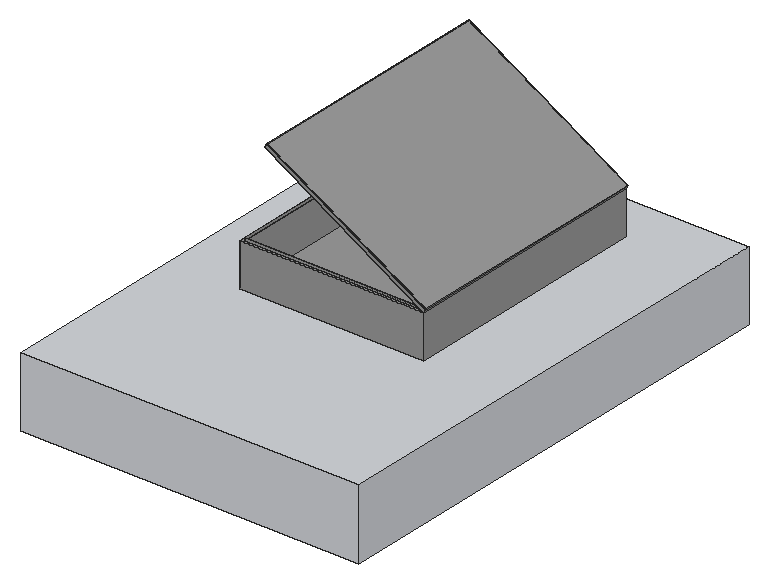
Revit family "Hager-Univers-IP44-D205-H1100-Cl.II-Encl-CH-de", category Equipement électrique, Revit 2020
Family settings
  Hôte = Face
  Configuration du panneau = Deux colonnes, circuits au sein
  Cote de connecteur circulaire = Utiliser le diamètre
  Type d'élément = Tableau de raccordement
  Couper avec des vides une fois chargée = Non
  Partagée = Non
  Point de calcul de pièce = Non
Parameters (values of type "Aufputz IP44 B800 H1100 T205  - FP73QS")
  Width Control [instance] = if([EF000008 - Breite] > Min Width, [EF000008 - Breite], Min Width)  # 800 mm
  Commentaires du type = [HG000003 - Bereich]  # "Univers"
  Thickness Door [instance] = if([EF009171 - Materialstärke Tür/Deckel] > 3 mm, 3 mm, [EF009171 - Materialstärke Tür/Deckel])  # 1 mm
  Seal Frame Offset [instance] = 17 mm  # constant formula
  Plinth Visibility [instance] = [HG000027 - Sockelhöhe] > 0 mm  # no
  Model = ""
  Min Width [instance] = 100 mm  # constant formula
  Min Height [instance] = 100 mm  # constant formula
  Min Depth [instance] = (2 * [EF009170 - Materialstärke Gehäuse]) + 1 mm  # 3 mm
  Internal Frame Depth [instance] = (Door System Depth * 0.5)  # 9 mm
  Height Control [instance] = if([EF000040 - Höhe] > Min Height, [EF000040 - Höhe], Min Height)  # 1100 mm
  HG000027 - Sockelhöhe = 0 mm
  HG000026 - Stehend auf dem Boden = no
  HG000024 - Höhe des unteren Teils = 800 mm
  HG000023 - Gehäuse mit doppeltem Querschnitt = no
  HG000016 - 3D-Türsichtbarkeit [instance] = yes
  HG000015 - Sichtbarkeit der Türöffnung [instance] = no
  HG000014 - Tür rechts [instance] = yes
  HG000013 - Tür links [instance] = not([HG000014 - Tür rechts])  # no
  HG000012 - Türschwenkwinkel [instance] = 30.00°
  HG000010 - Asymmetrische Türen = no
  HG000009 - Doppelflügeligen Tür = no
  HG000006 - Unterputz = no
  HG000004 - Herstellerreferenz = "FP73QS"
  HG000003 - Bereich = "Univers"
  HG000002 - Mit tür = yes
  Frame Offset Bottom [instance] = 10 mm  # constant formula
  Frame Offset [instance] = 15 mm  # constant formula
  EF015940 - Deckel mit Überdruckentlastung = no
  EF011959 - Schutzart (NEMA) = ""
  EF009554 - Anzahl der Öffnungen für Flanschplatten = 6
  Fabricant = "Hager"  # constant formula
  EF009212 - Ausführung Deckel = "EV000116 - geschlossen"
  EF009171 - Materialstärke Tür/Deckel = 1 mm
  EF009170 - Materialstärke Gehäuse = 1 mm
  EF008873 - Nennstrom (In) = 250 A
  EF007800 - Geeignet für Blitzschutz = no
  EF006306 - Mit Schloss = no
  EF006244 - Transparenter Deckel/Tür = no
  EF005474 - Schutzart (IP) = "EV006418 - IP44"
  EF004464 - Art der Tür = "EV002646 - Einzel"
  EF004427 - Anzahl der Module = 252
  EF004293 - Schlagfestigkeit = "EV006815 - IK09"
  EF003532 - Geeignet für Außengebrauch = no
  EF002950 - Breite in Teilungseinheiten = 36
  EF001613 - Funktionserhalt = "EV000494 - ohne"
  EF001596 - Werkstoff des Gehäuses = "EV000179 - Stahl"
  EF001131 - Innentiefe = 143 mm
  EF001088 - Anbaumöglichkeit = yes
  EF000437 - Anzahl der Leitungseinführungen = 6
  EF000339 - Art der Abdeckung = "EV001012 - Deckel"
  EF000266 - Anzahl der Reihen = 7
  EF000218 - Einbautiefe = 0 mm
  EF000118 - Mit Montageplatte = no
  EF000116 - RAL-Nummer = "9010"
  EF000049 - Tiefe = 205 mm
  EF000040 - Höhe = 1100 mm
  EF000008 - Breite = 800 mm
  EF000007 - Farbe = "EV000202 - weiß"
  EF000003 - Montageart = "EV000384 - Aufputz"
  Door System Leaf Tolerance [instance] = 1.5 mm  # constant formula
  Door System Depth [instance] = 18 mm  # constant formula
  Door Height [instance] = Height Control - [HG000027 - Sockelhöhe]  # 1100 mm
  Depth Control [instance] = if([EF000049 - Tiefe] > Min Depth, [EF000049 - Tiefe], Min Depth)  # 205 mm
  Default Elevation = 0 mm
  Connector Offset [instance] = Height Control / 2  # 550 mm
  Bottom Top Plate Trim [instance] = 1.5 mm  # constant formula
  Plinth height Ctrl [instance] = if([HG000027 - Sockelhöhe] > 0 mm, [HG000027 - Sockelhöhe], 12 mm)  # 12 mm
Types (5, lengths in mm): name | Width Control | HG000009 - Doppelflügeligen Tür | HG000004 - Herstellerreferenz | EF009554 - Anzahl der Öffnungen für Flanschplatten | EF004464 - Art der Tür | EF004427 - Anzahl der Module | EF002950 - Breite in Teilungseinheiten | EF000437 - Anzahl der Leitungseinführungen | EF000008 - Breite
  Aufputz IP44 B1050 H1100 T205  - FP74QS | 1050 | yes | "FP74QS" | 8 | "EV003602 - Doppel" | 336 | 48 | 8 | 1050
  Aufputz IP44 B1300 H1100 T205  - FP75QS | 1300 | yes | "FP75QS" | 10 | "EV003602 - Doppel" | 420 | 60 | 10 | 1300
  Aufputz IP44 B300 H1100 T205  - FP71QS | 300 | no | "FP71QS" | 2 | "EV002646 - Einzel" | 84 | 12 | 2 | 300
  Aufputz IP44 B550 H1100 T205  - FP72QS | 550 | no | "FP72QS" | 4 | "EV002646 - Einzel" | 168 | 24 | 4 | 550
  Aufputz IP44 B800 H1100 T205  - FP73QS | 800 | no | "FP73QS" | 6 | "EV002646 - Einzel" | 252 | 36 | 6 | 800
Reference planes
  plane 1 "Center (Front/Back)": y = 0
  plane 2: z = 0
  plane 3 "Center (Left/Right)": x = 0
  plane 4: z = 205
  plane 5: y = 1
  plane 6: y = 550
  plane 7: y = 0
  plane 8: y = 1100
  plane 9: z = 0
  plane 10: x = -385
  plane 11: x = 385
  plane 12: x = 384
  plane 13: x = -384
  plane 14: y = 1099
  plane 15: x = -383
  plane 16: x = -400
  plane 17: x = 383
  plane 18: x = 400
  plane 19: x = 399
  plane 20: x = -399
  plane 21: y = 11
  plane 22: y = 1100
  plane 23: y = 1084
  plane 24: z = 187
  plane 25: z = 1
  plane 26: z = 186
  plane 27: z = 204
Forms (mm)
  Extrusion 1, solid
    sketch origin (0, 0, 0) x (1, 0, 0) y (0, 1, 0)
      loop
        line (-702.964, 1305) -> (-702.964, -811.445) -> (766.763, -811.445) -> (766.763, 1305) -> (-702.964, 1305)
    from 0 to -304.8
  Extrusion 2, solid, material "Hager_Steel_RAL7035_Light_Grey", visible <- "Plinth Visibility", detail levels medium+fine
    sketch origin (0, 0, 0) x (1, 0, 0) y (0, 1, 0)
      loop
        line (-400, 0) -> (400, 0) -> (400, 12) -> (-400, 12) -> (-400, 0)
    from 0 to 187
  Extrusion 3, solid, material "Hager_Steel_RAL7035_Light_Grey", detail levels medium+fine
    sketch origin (0, 0, 0) x (1, 0, 0) y (0, 1, 0)
      loop
        line (-400, 0) -> (400, 0) -> (400, 1100) -> (-400, 1100) -> (-400, 0)
    from 0 to 187
  Extrusion 4, void
    sketch origin (0, 0, 0) x (1, 0, 0) y (0, 1, 0)
      loop
        line (-399, 1) -> (399, 1) -> (399, 1099) -> (-399, 1099) -> (-399, 1)
    from 1 to 186
  Extrusion 5, void
    sketch origin (-381.607, -4572, 187) x (0, -1, 0) y (-1, 0, 0)
      loop
        line (-4583, 2.393) -> (-5656, 2.393) -> (-5656, -765.607) -> (-4583, -765.607) -> (-4583, 2.393)
    from 0 to 1 <- "EF009170 - Materialstärke Gehäuse"
  Extrusion 6, solid, material "Hager_Steel_RAL7035_Light_Grey", detail levels fine
    sketch origin (0, 0, 187) x (1, 0, 0) y (0, 1, 0)
      loop
        line (-384, 1084) -> (-384, 11) -> (384, 11) -> (384, 1084) -> (-384, 1084)
      loop
        line (-385, 10) -> (385, 10) -> (385, 1085) -> (-385, 1085) -> (-385, 10)
    from 0 to 9 <- "Internal Frame Depth"
  Extrusion 7, solid, material "Hager_Steel_RAL7035_Light_Grey", detail levels coarse
    sketch origin (0, 0, 0) x (1, 0, 0) y (0, 1, 0)
      loop
        line (-400, 0) -> (400, 0) -> (400, 1100) -> (-400, 1100) -> (-400, 0)
    from 0 to 205
  Sweep 8, void
    path in 3D
      loop
        line (-400, 12, 0) -> (400, 12, 0) -> (400, 12, 187) -> (-400, 12, 187) -> (-400, 12, 0)
    profile origin (-400, 12, 93.5) x (-1, 0, 0) y (0, -1, 0)
      loop
        line (0, 0) -> (0, 1.5) -> (-1.5, 1.5)
        arc (-1.5, 1.5) -> (-1.061, 0.439) -> (0, 0) r 1.5
Cuts and joins
  Extrusion 4, Extrusion 5 cuts Extrusion 3
  Sweep 8 cuts Extrusion 2
Lines and regions (mm)
  Masking region 1
    outline origin (0, 0, 0) x (1, 0, 0) y (0, 0, 1)
      loop
        line (-400, 205) -> (-400, 0) -> (400, 0) -> (400, 205) -> (-400, 205)
  Masking region 2, detail levels medium+fine
    outline origin (0, 140, 0) x (0, 1, 0) y (0, 0, 1)
      loop
        line (-140, 0) -> (960, 0) -> (960, 187) -> (-140, 187) -> (-140, 0)
  Masking region 3, not visible, detail levels medium+fine
    outline origin (0, 297.922, 0) x (0, 1, 0) y (0, 0, 1)
      loop
        line (263.578, 0) -> (303.578, 0) -> (303.578, 194)
        arc (303.578, 194) -> (300.649, 201.071) -> (293.578, 204) r 10
        line (293.578, 204) -> (263.578, 204) -> (263.578, 0)
  Masking region 4, detail levels coarse
    outline origin (0, 0, 180) x (0, 1, 0) y (0, 0, 1)
      loop
        line (0, -180) -> (1100, -180) -> (1100, 25) -> (0, 25) -> (0, -180)
  Masking region 5, visible <- "Plinth Visibility", detail levels medium+fine
    outline origin (0, 52.24, 12.345) x (0, 0, -1) y (0, 1, 0)
      loop
        line (10.845, -40.24) -> (-173.155, -40.24)
        arc (-173.155, -40.24) -> (-173.594, -41.301) -> (-174.655, -41.74) r 1.5
        line (-174.655, -41.74) -> (-174.655, -52.24) -> (12.345, -52.24) -> (12.345, -41.74)
        arc (12.345, -41.74) -> (11.285, -41.301) -> (10.845, -40.24) r 1.5
  Masking region 6, detail levels medium+fine
    outline origin (-381.607, -4572, 187) x (-1, 0, 0) y (0, -1, 0)
      loop
        line (18.393, -5672) -> (18.393, -4572) -> (-781.607, -4572) -> (-781.607, -5672) -> (18.393, -5672)
  Masking region 7, visible <- "Plinth Visibility", detail levels medium+fine
    outline origin (-381.607, -4727, 187) x (-1, 0, 0) y (0, -1, 0)
      loop
        arc (16.893, -4739) -> (17.332, -4737.939) -> (18.393, -4737.5) r 1.5
        line (18.393, -4737.5) -> (18.393, -4727) -> (-781.607, -4727) -> (-781.607, -4737.5)
        arc (-781.607, -4737.5) -> (-780.546, -4737.939) -> (-780.107, -4739) r 1.5
        line (-780.107, -4739) -> (16.893, -4739)
  Masking region 8, detail levels coarse
    outline origin (-442.548, -4669.526, 187) x (-1, 0, 0) y (0, -1, 0)
      loop
        line (-42.548, -5769.526) -> (-42.548, -4669.526) -> (-842.548, -4669.526) -> (-842.548, -5769.526) -> (-42.548, -5769.526)
  sketch lines
    curve 1: line (-400, 12, 187) -> (-400, 12, 0)
    curve 2: line (400, 12, 187) -> (-400, 12, 187)
    curve 3: line (400, 12, 187) -> (400, 12, 0)
    curve 4: line (-400, 12, 0) -> (400, 12, 0)
Dimensions and locks
  "Depth Control": plane 4 to Extrusion 1
  "HG000027 - Sockelhöhe": plane 1 "Center (Front/Back)" to plane 7
  "EF009170 - Materialstärke Gehäuse": plane 5 to plane 7
  locked: connector elem to plane 3 "Center (Left/Right)"
  equal spacing: plane 8, plane 6, plane 7
  locked: connector elem to plane 6
  "EF009170 - Materialstärke Gehäuse": plane 8 to plane 14
  "EF009170 - Materialstärke Gehäuse": plane 10 to plane 13
  "EF009170 - Materialstärke Gehäuse": plane 12 to plane 11
  "Frame Offset": plane 20 to plane 13
  "Frame Offset": plane 12 to plane 19
  "EF009170 - Materialstärke Gehäuse": plane 16 to plane 20
  "EF009170 - Materialstärke Gehäuse": plane 19 to plane 18
  "Seal Frame Offset": plane 16 to plane 15
  "Seal Frame Offset": plane 17 to plane 18
  "Frame Offset Bottom": plane 21 to plane 5
  "Frame Offset": plane 14 to plane 23
  equal spacing: plane 16, plane 3 "Center (Left/Right)", plane 18
  "Width Control": plane 16 to plane 18
  "EF009170 - Materialstärke Gehäuse": plane 4 to plane 27
  "EF009170 - Materialstärke Gehäuse": plane 24 to plane 26
  "EF009170 - Materialstärke Gehäuse": plane 25 to level
  "Door System Depth": plane 4 to plane 24
  "Height Control": plane 1 "Center (Front/Back)" to Extrusion 7 sketch curve
  "Height Control": Masking region 4 sketch curve to plane 1 "Center (Front/Back)"
  "Height Control": plane 1 "Center (Front/Back)" to plane 22
  "Bottom Top Plate Trim": profile plane to Sweep 8 sketch curve
  "Bottom Top Plate Trim": Sweep 8 sketch curve to profile plane
  "Plinth height Ctrl": plane 1 "Center (Front/Back)" to Extrusion 2 sketch curve
  "Plinth height Ctrl": Masking region 5 sketch curve to plane 1 "Center (Front/Back)"
  "Plinth height Ctrl": plane 1 "Center (Front/Back)" to Masking region 7 sketch curve
  "Thickness Door": Extrusion 6 sketch curve to Extrusion 6 sketch curve  (x3)
  "Thickness Door": cut or joined group of Extrusion 3, Extrusion 4, Extrusion 5 to Extrusion 6 sketch curve
  radius of Masking region 3 sketch curve = 10 mm
  "Bottom Top Plate Trim": radius of Masking region 5 sketch curve  (x2)
  "Bottom Top Plate Trim": radius of Sweep 8 sketch curve
  "Bottom Top Plate Trim": radius of Masking region 7 sketch curve  (x2)
  aligned and locked: plane 2 to Extrusion 1
  aligned and locked: level to Extrusion 1
  aligned and locked: level to Masking region 1 sketch curve
  aligned and locked: Masking region 1 sketch curve to plane 18
  aligned and locked: Masking region 1 sketch curve to plane 16
  aligned and locked: plane 7 to Masking region 2 sketch curve
  aligned and locked: level to Masking region 3 sketch curve
  aligned and locked: Masking region 3 sketch curve to plane 27
  aligned and locked: level to Masking region 2 sketch curve
  aligned and locked: plane 1 "Center (Front/Back)" to Extrusion 2 sketch curve
  aligned and locked: Extrusion 3 sketch curve to plane 7
  aligned and locked: plane 16 to Extrusion 3 sketch curve
  aligned and locked: plane 18 to Extrusion 3 sketch curve
  aligned and locked: plane 20 to Extrusion 4 sketch curve
  aligned and locked: plane 19 to Extrusion 4 sketch curve
  aligned and locked: Extrusion 4 sketch curve to plane 5
  aligned and locked: Extrusion 4 to plane 25
  aligned and locked: plane 26 to Extrusion 4
  aligned and locked: plane 24 to Extrusion 3
  aligned and locked: Extrusion 5 sketch curve to plane 21
  aligned and locked: Extrusion 5 sketch curve to plane 13
  aligned and locked: Extrusion 5 sketch curve to plane 12
  aligned and locked: plane 18 to Extrusion 7 sketch curve
  aligned and locked: plane 1 "Center (Front/Back)" to Extrusion 7 sketch curve
  aligned and locked: plane 16 to Extrusion 7 sketch curve
  aligned and locked: plane 4 to Extrusion 7
  aligned and locked: Extrusion 7 to level
  aligned and locked: level to Masking region 4 sketch curve
  aligned and locked: Masking region 4 sketch curve to plane 1 "Center (Front/Back)"
  aligned and locked: Masking region 4 sketch curve to plane 4
  aligned and locked: nested 1 to level
  aligned and locked: nested 1 to plane 16
  aligned and locked: plane 8 to Extrusion 3 sketch curve
  aligned and locked: plane 23 to Extrusion 5 sketch curve
  aligned and locked: plane 14 to Extrusion 4 sketch curve
  aligned and locked: Masking region 2 sketch curve to plane 8
  aligned and locked: level to Masking region 5 sketch curve
  aligned and locked: plane 16 to Extrusion 2 sketch curve
  aligned and locked: plane 18 to Extrusion 2 sketch curve
  aligned and locked: Masking region 5 sketch curve to plane 24
  aligned and locked: Masking region 2 sketch curve to plane 24
  aligned and locked: plane 24 to Extrusion 2
  aligned and locked: profile plane to Sweep 8 sketch curve  (x2)
  aligned and locked: Masking region 6 sketch curve to plane 18
  aligned and locked: Masking region 6 sketch curve to plane 22
  aligned and locked: Masking region 6 sketch curve to plane 16
  aligned and locked: plane 8 to plane 22
  aligned and locked: Masking region 6 sketch curve to plane 7
  aligned and locked: Masking region 7 sketch curve to plane 16
  aligned and locked: Masking region 7 sketch curve to plane 1 "Center (Front/Back)"
  aligned and locked: Masking region 7 sketch curve to plane 18
  aligned and locked: Masking region 8 sketch curve to plane 1 "Center (Front/Back)"
  aligned and locked: Masking region 8 sketch curve to plane 18
  aligned and locked: Masking region 8 sketch curve to plane 22
  aligned and locked: Masking region 8 sketch curve to plane 16
  aligned and locked: nested 2 to plane 7
  aligned and locked: plane 3 "Center (Left/Right)" to nested 2
  aligned and locked: nested 2 to plane 24
  aligned and locked: Extrusion 6 sketch curve to cut or joined group of Extrusion 3, Extrusion 4, Extrusion 5  (x4)
Automatic sketch dimensions
  Extrusion 1 sketch curve to Extrusion 1 sketch curve = 1469.727 mm
  Extrusion 1 sketch curve to Extrusion 1 sketch curve = 2116.445 mm
  Masking region 1 sketch curve to plane 4 = 0 mm
  plane 6 to Masking region 3 sketch curve = 11.5 mm
  Masking region 3 sketch curve to Masking region 3 sketch curve = 30 mm
  Masking region 5 sketch curve to plane 1 "Center (Front/Back)" = 0 mm
Nested families
  nested 1: "Hager_Enclosure_Symbol" at (-400, 0, 0) x (1, 0, 0) z (0, -1, 0), Height <- "Depth Control", Width <- "Width Control", type "Hager_Enclosure_Symbol"
    with Width_Ctrl 800 mm, Width 800 mm, Height_Ctrl 205 mm, Height 205 mm, A_Width_Int 13.453 mm, A_Width 161.438 mm, A_Height_Ctrl 179.375 mm, A_Height 179.375 mm
  nested 2: "EC000058_Univers_Door" at (0, 0, 187) x (1, 0, 0) z (0, 1, 0), Leaf_Tolerance <- "Door System Leaf Tolerance", Angle <- "HG000012 - Türschwenkwinkel", Door_Depth <- "Door System Depth", Door_Left <- "HG000013 - Tür links", Transparent <- "EF006244 - Transparenter Deckel/Tür", Assymetrical <- "HG000010 - Asymmetrische Türen", Width <- "Width Control", Clearance <- "HG000015 - Sichtbarkeit der Türöffnung", Double <- "HG000009 - Doppelflügeligen Tür", 3d_Door <- "HG000016 - 3D-Türsichtbarkeit", Lock_Visibility <- "EF006306 - Mit Schloss", Width_Ctrl <- "Width Control", Door_Right <- "HG000014 - Tür rechts", Door <- "HG000002 - Mit tür", Height <- "Door Height", Thickness <- "Thickness Door", type "EC000058_Univers_Door", detail levels medium+fine
    with min_wh 3 mm, Width_Ctrl 800 mm, Width 800 mm, Transparent no, Thickness 1 mm, Seal_Material Hager_Rubber, Lock_Visibility no, Lock_Material Hager_Plastic_RAL9005_Jet_Black, Leaf_Width 800 mm, Leaf_Tolerance_External_Sides 0 mm, Leaf_Tolerance 1.5 mm, Leaf_Offset 0 mm, Leaf_Height 1097 mm, Leaf_2_Width 800 mm, Leaf_2_Offset 400 mm, Leaf_1_Width 800 mm, Leaf_1_Offset 400 mm, Height_Ctrl 1100 mm, Height 1100 mm, Glass_Material Hager_Glass, Double_Clearance_Ctrl no, Double no, Door_Right_Ctrl yes, Door_Right yes, Door_Material Hager_Steel_RAL7035_Light_Grey, Door_Left_Ctrl no, Door_Left no, Door_Depth 18 mm, Door yes, Clearance_Material Hager_Clearance, Clearance_Depth 800 mm, Clearance_Ctrl no, Clearance no, Assymetrical no, Angle 30.00°, 3d_Door yes
Connectors
  electrical at (0, 550, 0)
    settings: on plane 9, index 1, voltage 0 V, apparent load 0 VA, apparent load phase1 0 VA, apparent load phase2 0 VA, apparent load phase3 0 VA, power factor 1, load classification "Other", number of poles 1, system type 30, power factor state 1, is connector primary yes, connector utility no, sub classification motor no, connector description ""
Definition of nested family "EC000058_Univers_Door"
  Parameters (values of type "EC000058_Univers_Door")
    min_wh [instance] = (2 * Thickness) + 1 mm  # 11 mm
    Width_Ctrl [instance] = 400 mm
    Width [instance] = 500 mm
    Transparent [instance] = yes
    Thickness [instance] = 5 mm
    Seal_Material [instance] = none
    Lock_Visibility [instance] = yes
    Lock_Material [instance] = none
    Leaf_Width [instance] = if((Width_Ctrl - 2 * Leaf_Tolerance_External_Sides) > 0 mm, (Width_Ctrl - 2 * Leaf_Tolerance_External_Sides), min_wh)  # 400 mm
    Leaf_Tolerance_External_Sides [instance] = 0 mm  # constant formula
    Leaf_Tolerance [instance] = 1.5 mm
    Leaf_Offset [instance] = 0 mm  # constant formula
    Leaf_Height [instance] = if((Height_Ctrl - 2 * Leaf_Tolerance) > 0 mm, (Height_Ctrl - 2 * Leaf_Tolerance), min_wh)  # 497 mm
    Leaf_2_Width [instance] = if(and(and(Double, Assymetrical), Door_Left), (Leaf_Width / 3) - (Leaf_Tolerance / 2), if(and(and(Double, Assymetrical), Door_Right), (Leaf_Width / 3) * 2 - (Leaf_Tolerance / 2), if(and(Double, not(Assymetrical)), (Leaf_Width / 2) - Leaf_Tolerance, Leaf_Width)))  # 400 mm
    Leaf_2_Offset [instance] = if(and(Double, Assymetrical), Leaf_2_Width / 2, if(and(Double, not(Assymetrical)), Leaf_Width / 4, Leaf_Width / 2))  # 200 mm
    Leaf_1_Width [instance] = if(and(and(Double, Assymetrical), Door_Right), (Leaf_Width / 3) - (Leaf_Tolerance / 2), if(and(and(Double, Assymetrical), Door_Left), (Width / 3) * 2 - (Leaf_Tolerance / 2), if(and(Double, not(Assymetrical)), (Leaf_Width / 2) - Leaf_Tolerance, Leaf_Width)))  # 400 mm
    Leaf_1_Offset [instance] = if(and(Double, Assymetrical), Leaf_1_Width / 2, if(and(Double, not(Assymetrical)), Leaf_Width / 4, Leaf_Width / 2))  # 200 mm
    Height_Ctrl [instance] = if(Height > min_wh, Height, min_wh)  # 500 mm
    Height [instance] = 500 mm
    Glass_Material [instance] = none
    Double_Clearance_Ctrl [instance] = and(Double, Clearance)  # no
    Double [instance] = no
    Door_Right_Ctrl [instance] = and(or(Door_Right, Double), Door)  # yes
    Door_Right [instance] = yes
    Door_Material [instance] = none
    Door_Left_Ctrl [instance] = and(or(Door_Left, Double), Door)  # no
    Door_Left [instance] = no
    Door_Depth [instance] = 30 mm
    Door [instance] = yes
    Default Elevation = 1219.2 mm
    Clearance_Material [instance] = none
    Clearance_Depth [instance] = if(Leaf_1_Width > Leaf_2_Width, Leaf_1_Width, Leaf_2_Width)  # 400 mm
    Clearance_Ctrl [instance] = and(not(Double), Clearance)  # yes
    Clearance [instance] = yes
    Assymetrical [instance] = yes
    Angle [instance] = 30.00°
    3d_Door [instance] = yes
  Reference planes
    plane 1 "Center (Front/Back)": y = 0
    plane 2 "Bottom": z = 0
    plane 3 "Center (Left/Right)": x = 0
    plane 4: z = 500
    plane 5: x = -200
    plane 6: x = 200
    plane 7: z = 500
    plane 8: x = -200
    plane 9: z = 0
    plane 10: x = 200
    plane 11: y = 0
    plane 12: z = 1.5
    plane 13: x = -600
    plane 14: y = -400
    plane 15: x = 600
    plane 16: x = 0
    plane 17: x = 0
    plane 18: x = -200
    plane 19: x = 200
    plane 20: z = 498.5
  Forms (mm)
    Extrusion 1, solid, material <- "Clearance_Material", visible <- "Double_Clearance_Ctrl"
      sketch origin (1200, 0, 0) x (1, 0, 0) y (0, 0, -1)
        loop
          line (-1800, -498.5) -> (-600, -498.5) -> (-600, 0) -> (-1800, 0) -> (-1800, -498.5)
      from 0 to -400
  Dimensions and locks
    equal spacing: plane 5, plane 3 "Center (Left/Right)", plane 6
    "Width_Ctrl": plane 5 to plane 6
    "Leaf_Offset": plane 5 to plane 8
    "Leaf_Offset": plane 6 to plane 10
    "Leaf_Offset": plane 9 to level
    "Leaf_Offset": plane 4 to plane 7
    "Height_Ctrl": plane 4 to level
    "Leaf_Tolerance": plane 12 to plane 9
    locked: plane 11 to plane 1 "Center (Front/Back)"
    "Leaf_1_Offset": plane 18 to plane 16
    "Leaf_2_Offset": plane 17 to plane 19
    "Leaf_1_Width": plane 13 to plane 8
    "Leaf_2_Width": plane 10 to plane 15
    "Clearance_Depth": plane 14 to plane 1 "Center (Front/Back)"
    "Leaf_Tolerance_External_Sides": plane 8 to plane 18
    "Leaf_Tolerance_External_Sides": plane 19 to plane 10
    "Leaf_Tolerance": plane 7 to plane 20
    aligned and locked: level to plane 2 "Bottom"
    aligned and locked: nested 1 to plane 16
    aligned and locked: nested 2 to plane 17
    aligned and locked: Extrusion 1 to plane 13
    aligned and locked: plane 15 to Extrusion 1
    aligned and locked: Extrusion 1 to plane 14
    aligned and locked: plane 12 to nested 1
    aligned and locked: nested 2 to plane 12
    aligned and locked: Extrusion 1 to plane 11
    aligned and locked: plane 20 to Extrusion 1
    aligned and locked: nested 2 to plane 11
    aligned and locked: nested 1 to plane 11
  Automatic sketch dimensions
    Extrusion 1 sketch curve to level = 0 mm
    plane 5 to Extrusion 1 sketch curve = 400 mm
    plane 6 to Extrusion 1 sketch curve = 400 mm
    Extrusion 1 sketch curve to plane 4 = 1.5 mm
  Nested families
    nested 1: "EC000058_Univers_Door_Leaf" at (0, 0, 1.5), Width <- "Leaf_1_Width", visible <- "Door_Left_Ctrl", Leaf_Height <- "Leaf_Height", Angle <- "Angle", 3d_Door <- "3d_Door", Transparent <- "Transparent", Clearance Material <- "Clearance_Material", Clearance <- "Clearance_Ctrl", Door_Material <- "Door_Material", Glass_Material <- "Glass_Material", Door_Depth <- "Door_Depth", Lock_Material <- "Lock_Material", Seal_Material <- "Seal_Material", Lock_Visibility <- "Lock_Visibility", Thickness <- "Thickness", type "EC000058_Univers_Door_Leaf"
      with Width 400 mm, Transparent_Glass_Offset 30 mm, Transparent_Ctrl yes, Transparent yes, Thickness 5 mm, Standard no, Seal_Material none, Seal_D2 8 mm, Seal_D1 1 mm, Offset_Internal_Frame 10 mm, Lock_Width 20 mm, Lock_Visibility_3d yes, Lock_Visibility yes, Lock_Thickness_3 3 mm, Lock_Thickness_2 1 mm, Lock_Thickness_1 3 mm, Lock_Radius_Offset_2 16 mm, Lock_Radius_Offset_1 15 mm, Lock_Radius_2 5 mm, Lock_Radius 6 mm, Lock_Offset 5 mm, Lock_Material none, Lock_Height 80 mm, Lock_Cover_Top_Offset_2d 17 mm, Lock_Cover_Height -65 mm, Leaf_Height 497 mm, Internal_Seal_Thickness 8 mm, Internal_Seal_Depth_2 4.5 mm, Internal_Frame_Depth 25 mm, Glass_Thickness -1 mm, Glass_Offset -2 mm, Glass_Material none, Door_Material none, Door_Depth 30 mm, Clearance Material none, Clearance yes, Angle_Ctrl 30.00°, Angle 30.00°, 3d_Door yes
    nested 2: "EC000058_Univers_Door_Leaf" at (0, 0, 1.5) x (-1, 0, 0) z (0, 0, 1), Width <- "Leaf_2_Width", visible <- "Door_Right_Ctrl", Leaf_Height <- "Leaf_Height", Angle <- "Angle", 3d_Door <- "3d_Door", Transparent <- "Transparent", Clearance Material <- "Clearance_Material", Clearance <- "Clearance_Ctrl", Door_Material <- "Door_Material", Glass_Material <- "Glass_Material", Door_Depth <- "Door_Depth", Lock_Material <- "Lock_Material", Seal_Material <- "Seal_Material", Lock_Visibility <- "Lock_Visibility", Thickness <- "Thickness", type "EC000058_Univers_Door_Leaf"
      with Width 400 mm, Transparent_Glass_Offset 30 mm, Transparent_Ctrl yes, Transparent yes, Thickness 5 mm, Standard no, Seal_Material none, Seal_D2 8 mm, Seal_D1 1 mm, Offset_Internal_Frame 10 mm, Lock_Width 20 mm, Lock_Visibility_3d yes, Lock_Visibility yes, Lock_Thickness_3 3 mm, Lock_Thickness_2 1 mm, Lock_Thickness_1 3 mm, Lock_Radius_Offset_2 16 mm, Lock_Radius_Offset_1 15 mm, Lock_Radius_2 5 mm, Lock_Radius 6 mm, Lock_Offset 5 mm, Lock_Material none, Lock_Height 80 mm, Lock_Cover_Top_Offset_2d 17 mm, Lock_Cover_Height -65 mm, Leaf_Height 497 mm, Internal_Seal_Thickness 8 mm, Internal_Seal_Depth_2 4.5 mm, Internal_Frame_Depth 25 mm, Glass_Thickness -1 mm, Glass_Offset -2 mm, Glass_Material none, Door_Material none, Door_Depth 30 mm, Clearance Material none, Clearance yes, Angle_Ctrl 30.00°, Angle 30.00°, 3d_Door yes
  Definition of nested family "EC000058_Univers_Door_Leaf"
    Parameters (values of type "EC000058_Univers_Door_Leaf")
      Width [instance] = 2000 mm
      Transparent_Glass_Offset [instance] = 30 mm
      Transparent_Ctrl [instance] = and(Transparent, [3d_Door])  # yes
      Transparent [instance] = yes
      Thickness [instance] = 5 mm
      Standard [instance] = and(not(Transparent), [3d_Door])  # no
      Seal_Material [instance] = none
      Seal_D2 [instance] = 8 mm  # constant formula
      Seal_D1 [instance] = 1 mm  # constant formula
      Offset_Internal_Frame [instance] = 10 mm  # constant formula
      Lock_Width [instance] = 20 mm  # constant formula
      Lock_Visibility_3d [instance] = and(Lock_Visibility, [3d_Door])  # yes
      Lock_Visibility [instance] = yes
      Lock_Thickness_3 [instance] = 3 mm  # constant formula
      Lock_Thickness_2 [instance] = 1 mm  # constant formula
      Lock_Thickness_1 [instance] = 3 mm  # constant formula
      Lock_Radius_Offset_2 [instance] = Lock_Radius_Offset_1 + 1 mm  # 16 mm
      Lock_Radius_Offset_1 [instance] = 15 mm  # constant formula
      Lock_Radius_2 [instance] = Lock_Radius - 1 mm  # 5 mm
      Lock_Radius [instance] = 6 mm  # constant formula
      Lock_Offset [instance] = 5 mm  # constant formula
      Lock_Material [instance] = none
      Lock_Height [instance] = 80 mm  # constant formula
      Lock_Cover_Top_Offset_2d [instance] = Lock_Radius_Offset_2 + 1 mm  # 17 mm
      Lock_Cover_Height [instance] = -(Lock_Height - Lock_Radius_Offset_1)  # -65 mm
      Leaf_Height [instance] = 2720.336 mm
      Internal_Seal_Thickness [instance] = 8 mm  # constant formula
      Internal_Seal_Depth_2 [instance] = 4.5 mm  # constant formula
      Internal_Frame_Depth [instance] = if(Door_Depth - Thickness > 5 mm, Door_Depth - Thickness, 5 mm)  # 25 mm
      Glass_Thickness [instance] = if(Thickness > 15 mm, Glass_Offset + 10 mm, -1 mm)  # -1 mm
      Glass_Offset [instance] = if(Thickness > 15 mm, -(Thickness + 10 mm) / 2, -2 mm)  # -2 mm
      Glass_Material [instance] = none
      Door_Material [instance] = none
      Door_Depth [instance] = 30 mm
      Default Elevation = 0 mm
      Clearance Material [instance] = none
      Clearance [instance] = yes
      Angle_Ctrl [instance] = if(Angle > 180.00°, 180.00°, Angle)  # 90.00°
      Angle [instance] = 90.00°
      3d_Door [instance] = yes
    Reference planes
      plane 1 "Center (Front/Back)": y = 0
      plane 2: z = 0
      plane 3 "Center (Left/Right)": x = 0
      plane 4: y = 2000
      plane 5: x = -1000
      plane 6: x = 1000
      plane 7: x = -3000
      plane 8: z = 2720.336
      plane 9: z = 30
      plane 10: z = 2690.336
      plane 11: x = 970
      plane 12: x = -970
      plane 13: y = -3
      plane 14: z = 107.833
      plane 15: y = -5
      plane 16: y = -223.314
      plane 17: x = -1000
      plane 18: z = 1360.168
      plane 19: y = 30
    Forms (mm)
      Extrusion 1, solid, material <- "Clearance Material", visible <- "Clearance"
        sketch origin (0, 0, 0) x (1, 0, 0) y (0, 0, 1)
          loop
            line (-3000, 2720.336) -> (-3000, 0) -> (1000, 0) -> (1000, 2720.336) -> (-3000, 2720.336)
        from 0 to -2000
      Extrusion 2, solid, material <- "Door_Material", visible <- "Standard", detail levels medium+fine
        sketch origin (-1000, 0, 0) x (0, 1, 0) y (-1, 0, 0)
          loop
            line (0, 30) -> (0, 25) -> (2000, 25) -> (2000, 30) -> (0, 30)
        from 0 to 2720.336 <- "Leaf_Height"
      Extrusion 3, solid, material <- "Door_Material", visible <- "Transparent_Ctrl", detail levels medium+fine
        sketch origin (-1000, 0, 0) x (0, 1, 0) y (-1, 0, 0)
          loop
            line (0, 25) -> (2000, 25) -> (2000, 30) -> (0, 30) -> (0, 25)
        from 0 to 2720.336 <- "Leaf_Height"
      Extrusion 4, void
        sketch origin (-1025, 2000, 0) x (0, 1, 0) y (0, 0, -1)
          loop
            line (-30, -2690.336) -> (-30, -30) -> (-1970, -30) -> (-1970, -2690.336) -> (-30, -2690.336)
        from 0 to 5 <- "Thickness"
      Sweep 5, solid, material <- "Seal_Material", visible <- "Transparent_Ctrl", detail levels fine
        path in 3D
          loop
            line (-1025, 30, 30) -> (-1025, 30, 2690.336) -> (-1025, 1970, 2690.336) -> (-1025, 1970, 30) -> (-1025, 30, 30)
        profile origin (-1025, 1000, 30) x (1, 0, 0) y (0, 0, 1)
          loop
            line (0, 0) -> (0, -8) -> (1, -8) -> (1, 0) -> (0, 0)
      Extrusion 6, solid, material <- "Glass_Material", visible <- "Transparent_Ctrl", detail levels medium+fine
        sketch origin (-1030, 0, 0) x (0, 1, 0) y (0, 0, -1)
          loop
            line (1970, -2690.336) -> (1970, -30) -> (30, -30) -> (30, -2690.336) -> (1970, -2690.336)
        from -2 <- "Glass_Offset" to -1 <- "Glass_Thickness"
      Extrusion 7, solid, material <- "Door_Material", visible <- "3d_Door", detail levels medium+fine
        sketch origin (-1025, 2000, 0) x (0, -1, 0) y (0, 0, -1)
          loop
            line (0, -2720.336) -> (2000, -2720.336) -> (2000, 0) -> (0, 0) -> (0, -2720.336)
          loop
            line (1995, -5) -> (5, -5) -> (5, -2715.336) -> (1995, -2715.336) -> (1995, -5)
        from 0 to 25 <- "Internal_Frame_Depth"
      Sweep 8, solid, material <- "Seal_Material", visible <- "Transparent_Ctrl", detail levels fine
        path in 3D
          loop
            line (-1025, 0, 0) -> (-1025, 2000, 0) -> (-1025, 2000, 2720.336) -> (-1025, 0, 2720.336) -> (-1025, 0, 0)
        profile origin (-1025, 0, 1360.168) x (1, 0, 0) y (0, 1, 0)
          loop
            line (0, 10) -> (2.975, 10)
            arc (2.975, 10) -> (4.053, 10.447) -> (4.5, 11.525) r 1.525
            line (4.5, 11.525) -> (4.5, 16.527)
            arc (4.5, 16.527) -> (4.069, 17.569) -> (3.027, 18) r 1.473
            line (3.027, 18) -> (0, 18) -> (0, 10)
      Extrusion 9, solid, material <- "Lock_Material", visible <- "Lock_Visibility_3d", detail levels fine
        sketch origin (-1030, 0, 0) x (0, 1, 0) y (0, 0, -1)
          loop
            arc (1993.5, -1400.168) -> (1994.561, -1399.729) -> (1995, -1398.668) r 1.5
            line (1995, -1398.668) -> (1995, -1320.168) -> (1975, -1320.168) -> (1975, -1398.668)
            arc (1975, -1398.668) -> (1975.439, -1399.729) -> (1976.5, -1400.168) r 1.5
            line (1976.5, -1400.168) -> (1993.5, -1400.168)
        from 3 <- "Lock_Thickness_1" to 0
      Blend 10, solid, material <- "Lock_Material", visible <- "Lock_Visibility_3d", detail levels fine
        base sketch origin (-1033, 0, 0) x (0, 1, 0) y (0, 0, -1)
          loop
            line (1975, -1320.168) -> (1975, -1398.668)
            arc (1975, -1398.668) -> (1975.439, -1399.729) -> (1976.5, -1400.168) r 1.5
            line (1976.5, -1400.168) -> (1993.5, -1400.168)
            arc (1993.5, -1400.168) -> (1994.561, -1399.729) -> (1995, -1398.668) r 1.5
            line (1995, -1398.668) -> (1995, -1320.168) -> (1975, -1320.168)
        top sketch origin (-1033, 0, 0) x (0, 1, 0) y (0, 0, -1)
          loop
            line (1976, -1320.168) -> (1976, -1398.668)
            arc (1976, -1398.668) -> (1976.146, -1399.022) -> (1976.5, -1399.168) r 0.5
            line (1976.5, -1399.168) -> (1993.5, -1399.168)
            arc (1993.5, -1399.168) -> (1993.854, -1399.022) -> (1994, -1398.668) r 0.5
            line (1994, -1398.668) -> (1994, -1320.168) -> (1976, -1320.168)
        from 0 to 1 <- "Lock_Thickness_2"
      Blend 11, solid, material <- "Lock_Material", visible <- "Lock_Visibility_3d", detail levels fine
        base sketch origin (-1034, 0, 0) x (0, 1, 0) y (0, 0, -1)
          loop
            line (1978, -1320.168) -> (1978, -1384.168)
            arc (1978, -1384.168) -> (1985, -1391.168) -> (1992, -1384.168) r 7
            line (1992, -1384.168) -> (1992, -1320.168) -> (1978, -1320.168)
        top sketch origin (-1034, 0, 0) x (0, 1, 0) y (0, 0, -1)
          loop
            line (1991, -1320.168) -> (1979, -1320.168) -> (1979, -1383.168)
            arc (1979, -1383.168) -> (1985, -1389.168) -> (1991, -1383.168) r 6
            line (1991, -1383.168) -> (1991, -1320.168)
        from 0 to 3 <- "Lock_Thickness_3"
      Extrusion 12, solid, material <- "Lock_Material", visible <- "Lock_Visibility_3d", detail levels fine
        sketch origin (-1030, 1975, 1320.168) x (1, 0, 0) y (0, -1, 0)
          loop
            line (-7, -19) -> (-7, -1) -> (0, -1) -> (0, 0) -> (-8, 0) -> (-8, -20) -> (0, -20) -> (0, -19) -> (-7, -19)
        from 0 to -65 <- "Lock_Cover_Height"
      Extrusion 13, void
        sketch origin (-1038, 1995, 1320.168) x (-1, 0, 0) y (0, 0, -1)
          loop
            line (-5, -65) -> (0, -65) -> (-5, -60) -> (-5, -65)
        from 0 to 20 <- "Lock_Width"
      Extrusion 14, void
        sketch origin (-1038, 1975, 1320.168) x (0, -1, 0) y (0, 0, -1)
          loop
            circle (-10, -15.995) r 6
          loop
            circle (-10, -15.995) r 5
        from 0 to 2
      Extrusion 15, solid, material <- "Lock_Material", visible <- "Lock_Visibility_3d", detail levels medium
        sketch origin (-1030, 0, 0) x (0, 1, 0) y (0, 0, -1)
          loop
            arc (1993.5, -1400.168) -> (1994.561, -1399.729) -> (1995, -1398.668) r 1.5
            line (1995, -1398.668) -> (1995, -1320.168) -> (1975, -1320.168) -> (1975, -1398.668)
            arc (1975, -1398.668) -> (1975.439, -1399.729) -> (1976.5, -1400.168) r 1.5
            line (1976.5, -1400.168) -> (1993.5, -1400.168)
        from 8 to 0
    Cuts and joins
      Extrusion 4 cuts Extrusion 3
      Extrusion 13, Extrusion 14 cuts Extrusion 9
      Extrusion 14 cuts Blend 11
      Extrusion 13, Extrusion 14 cuts Extrusion 12
      joined: Extrusion 9, Blend 10, Blend 11, Extrusion 12
      Extrusion 14 cuts Extrusion 15
    Lines and regions (mm)
      Masking region 1, visible <- "Lock_Visibility", detail levels fine
        outline origin (0, 0, 0) x (0, 1, 0) y (0, 0, 1)
          loop
            line (30, 1320.168) -> (33, 1320.168) -> (33, 1400.168) -> (30, 1400.168) -> (30, 1320.168)
      Masking region 2, visible <- "Lock_Visibility", detail levels fine
        outline origin (0, 3.143, 0) x (0, 1, 0) y (0, 0, 1)
          loop
            line (29.857, 1354.168) -> (30.857, 1354.168) -> (30.857, 1366.168) -> (29.857, 1366.168) -> (29.857, 1354.168)
      Masking region 3, detail levels medium+fine
        outline origin (0, 0, 0) x (0, 1, 0) y (0, 0, 1)
          loop
            line (0, 0) -> (30, 0) -> (30, 2720.336) -> (0, 2720.336) -> (0, 0)
      Masking region 4, detail levels medium+fine
        outline origin (0, 0, 0) x (1, 0, 0) y (0, 0, 1)
          loop
            line (-1000, 2720.336) -> (-1000, 0) -> (1000, 0) -> (1000, 2720.336) -> (-1000, 2720.336)
      Masking region 5, visible <- "Lock_Visibility", detail levels fine
        outline origin (-47.116, 0, 0) x (1, 0, 0) y (0, 0, 1)
          loop
            arc (1024.616, 1399.168) -> (1023.556, 1398.729) -> (1023.116, 1397.668) r 1.5
            line (1023.116, 1397.668) -> (1023.116, 1320.168) -> (1041.116, 1320.168) -> (1041.116, 1397.668)
            arc (1041.116, 1397.668) -> (1040.677, 1398.729) -> (1039.616, 1399.168) r 1.5
            line (1039.616, 1399.168) -> (1024.616, 1399.168)
      Masking region 6, visible <- "Lock_Visibility", detail levels medium+fine
        outline origin (-25, 0, 0) x (1, 0, 0) y (0, 0, 1)
          loop
            arc (1001.5, 1400.168) -> (1000.439, 1399.729) -> (1000, 1398.668) r 1.5
            line (1000, 1398.668) -> (1000, 1320.168) -> (1020, 1320.168) -> (1020, 1398.668)
            arc (1020, 1398.668) -> (1019.561, 1399.729) -> (1018.5, 1400.168) r 1.5
            line (1018.5, 1400.168) -> (1001.5, 1400.168)
      Masking region 7, visible <- "Lock_Visibility", detail levels fine
        outline origin (-73.735, 0, 0) x (1, 0, 0) y (0, 0, 1)
          loop
            line (1051.735, 1382.168) -> (1065.735, 1382.168) -> (1065.735, 1384.168)
            arc (1065.735, 1384.168) -> (1058.735, 1391.168) -> (1051.735, 1384.168) r 7
            line (1051.735, 1384.168) -> (1051.735, 1382.168)
      Masking region 8, visible <- "Lock_Visibility", detail levels fine
        outline origin (-73.735, 0, 0) x (1, 0, 0) y (0, 0, 1)
          loop
            line (1052.735, 1382.168) -> (1064.735, 1382.168) -> (1064.735, 1383.168)
            arc (1064.735, 1383.168) -> (1058.735, 1389.168) -> (1052.735, 1383.168) r 6
            line (1052.735, 1383.168) -> (1052.735, 1382.168)
      Masking region 9, visible <- "Lock_Visibility", detail levels fine
        outline origin (-25, 0, 0) x (1, 0, 0) y (0, 0, 1)
          loop
            line (1020, 1320.168) -> (1020, 1382.168) -> (1000, 1382.168) -> (1000, 1320.168) -> (1020, 1320.168)
      Masking region 10, detail levels medium+fine
        outline origin (0, 0, 0) x (1, 0, 0) y (0, 0, 1)
          loop
            circle (985, 1335.144) r 6
      Masking region 11, detail levels fine
        outline origin (0, 0, 0) x (1, 0, 0) y (0, 0, 1)
          loop
            circle (985, 1335.144) r 5
      Masking region 12, visible <- "Lock_Visibility", detail levels fine
        outline origin (0, 12.767, 0) x (0, 1, 0) y (0, 0, 1)
          loop
            line (20.233, 1320.168) -> (21.233, 1320.168) -> (21.233, 1399.168) -> (20.233, 1400.168) -> (20.233, 1320.168)
      Masking region 13, visible <- "Lock_Visibility", detail levels fine
        outline origin (0, 13.767, -10) x (0, 1, 0) y (0, 0, 1)
          loop
            line (20.233, 1330.168) -> (23.233, 1330.168) -> (23.233, 1399.168) -> (20.233, 1402.168) -> (20.233, 1330.168)
      Masking region 14, visible <- "Lock_Visibility", detail levels fine
        outline origin (0, 12.767, -10) x (0, 1, 0) y (0, 0, 1)
          loop
            line (20.233, 1330.168) -> (25.233, 1330.168) -> (25.233, 1399.305) -> (20.233, 1394.305) -> (20.233, 1330.168)
      Masking region 15, visible <- "Lock_Visibility", detail levels medium
        outline origin (0, 0, 0) x (0, 1, 0) y (0, 0, 1)
          loop
            line (30, 1320.168) -> (38, 1320.168) -> (38, 1400.168) -> (30, 1400.168) -> (30, 1320.168)
      Masking region 16, visible <- "Lock_Visibility", detail levels fine
        outline origin (-1000, 0, 0) x (0, 1, 0) y (-1, 0, 0)
          loop
            line (1975, 30) -> (1995, 30) -> (1995, 38) -> (1975, 38) -> (1975, 30)
          loop
            line (1979, 37) -> (1976, 37) -> (1976, 34) -> (1978, 34) -> (1979, 37)
          loop
            line (1994, 37) -> (1991, 37) -> (1992, 34) -> (1994, 34) -> (1994, 37)
      Masking region 17, visible <- "Lock_Visibility", detail levels medium
        outline origin (-1000, 0, 0) x (0, 1, 0) y (-1, 0, 0)
          loop
            line (1975, 30) -> (1995, 30) -> (1995, 38) -> (1975, 38) -> (1975, 30)
      symbolic lines
        curve 1: line (1000, 0, 0) -> (-3000, 0, 0)
        curve 2: arc (1000, 0, 0) -> (-1000, 2000, 0) -> (-3000, 0, 0) r 2000
        curve 4: line (-1030, 0, 0) -> (-1030, 2000, 0)
      reference lines
        curve 3: line (-1000, 0, 0) -> (-1000, 2000, 0)
      symbolic lines, detail levels medium+fine
        curve 5: line (-1030, 2000, 0) -> (-1025, 2000, 0)
        curve 7: line (-1025, 0, 0) -> (-1030, 0, 0)
        curve 8: line (-1025, 0, 0) -> (-1000, 0, 0)
        curve 9: line (-1000, 0, 0) -> (-1000, 2000, 0)
        curve 10: line (-1000, 2000, 0) -> (-1025, 2000, 0)
      symbolic lines, detail levels fine
        curve 6: line (-1025, 2000, 0) -> (-1025, 0, 0)
      sketch lines
        curve 11: line (-1025, 0, 2720.336) -> (-1025, 0, 0)
        curve 12: line (-1025, 2000, 0) -> (-1025, 0, 0)
        curve 13: line (-1025, 2000, 2720.336) -> (-1025, 2000, 0)
        curve 14: line (-1025, 0, 2720.336) -> (-1025, 2000, 2720.336)
        curve 15: line (-1025, 1970, 30) -> (-1025, 30, 30)
        curve 16: line (-1025, 30, 30) -> (-1025, 30, 2690.336)
        curve 17: line (-1025, 1970, 2690.336) -> (-1025, 1970, 30)
        curve 18: line (-1025, 30, 2690.336) -> (-1025, 1970, 2690.336)
      symbolic lines, visible <- "Transparent", detail levels medium+fine
        curve 19: line (-970, 0, 2690.336) -> (970, 0, 2690.336)
        curve 20: line (-970, 0, 30) -> (-970, 0, 2690.336)
        curve 21: line (970, 0, 30) -> (-970, 0, 30)
        curve 22: line (970, 0, 2690.336) -> (970, 0, 30)
    Dimensions and locks
      "Width": plane 1 "Center (Front/Back)" to plane 4
      equal spacing: plane 5, plane 3 "Center (Left/Right)", plane 6
      "Width": plane 5 to plane 6
      "Width": plane 7 to plane 5
      "Leaf_Height": plane 8 to level
      "Width": curve 5 to curve 3
      "Width": curve 3 to curve 3
      plane 8 to plane 10 = 30 mm
      plane 9 to level = 30 mm
      plane 12 to plane 5 = 30 mm
      plane 6 to plane 11 = 30 mm
      Extrusion 1 to Extrusion 4 sketch curve = 30 mm
      "Transparent_Glass_Offset": curve 3 to Extrusion 4 sketch curve
      "Transparent_Glass_Offset": Extrusion 4 sketch curve to cut or joined group of Extrusion 3, Extrusion 4  (x2)
      cut or joined group of Extrusion 3, Extrusion 4 to Extrusion 6 sketch curve = 30 mm
      "Transparent_Glass_Offset": cut or joined group of Extrusion 3, Extrusion 4 to Extrusion 4 sketch curve
      "Thickness": curve 6 to curve 4
      "Thickness": Extrusion 7 sketch curve to Extrusion 7 sketch curve  (x4)
      "Door_Depth": curve 4 to curve 3
      "Offset_Internal_Frame": profile plane to Sweep 8 sketch curve
      "Internal_Seal_Thickness": Sweep 8 sketch curve to Sweep 8 sketch curve
      "Internal_Seal_Depth_2": profile plane to Sweep 8 sketch curve
      "Seal_D1": profile plane to Sweep 5 sketch curve
      "Seal_D2": profile plane to Sweep 5 sketch curve
      "Thickness": Extrusion 2 sketch curve to Extrusion 2 sketch curve
      equal spacing: Extrusion 9 sketch curve, plane 18, Extrusion 9 sketch curve  (x2)
      equal spacing: Masking region 1 sketch curve, plane 18, Masking region 1 sketch curve
      "Lock_Height": Masking region 1 sketch curve to Masking region 1 sketch curve
      "Lock_Radius": Masking region 2 sketch curve to plane 18 to Masking region 2 sketch curve
      Masking region 2 sketch curve to Masking region 1 = 1 mm
      "Door_Depth": plane 19 to plane 1 "Center (Front/Back)"
      "Lock_Thickness_1": Masking region 1 sketch curve to plane 19
      "Lock_Width": Extrusion 9 sketch curve to Extrusion 9 sketch curve
      "Lock_Height": Extrusion 9 sketch curve to Extrusion 9 sketch curve
      "Lock_Offset": cut or joined group of Extrusion 3, Extrusion 4 to Extrusion 9 sketch curve
      equal spacing: plane 8, plane 18, level
      "Lock_Radius_Offset_1": Blend 11 sketch curve to Blend 10
      locked: Blend 10 to Blend 11 sketch curve at 2  (x2)
      locked: var sketch to Blend 11 sketch curve at 1  (x2)
      "Lock_Radius_Offset_2": Blend 11 sketch curve to Blend 10
      locked: Extrusion 12 sketch curve to Extrusion 12 sketch curve at 1  (x3)
      Masking region 6 sketch curve to Masking region 6 sketch curve = 80 mm
      "Lock_Height": Masking region 6 sketch curve to Masking region 6 sketch curve
      "Lock_Width": Masking region 6 sketch curve to Masking region 6 sketch curve
      locked: Masking region 6 to Masking region 5 sketch curve at 1  (x3)
      locked: Masking region 5 to Masking region 7 sketch curve at 2  (x2)
      "Lock_Radius_Offset_1": Masking region 5 to Masking region 7 sketch curve
      "Lock_Radius_Offset_2": Masking region 5 to Masking region 8 sketch curve
      locked: Masking region 7 to Masking region 8 sketch curve at 1  (x2)
      "Lock_Cover_Top_Offset_2d": Masking region 5 to Masking region 9 sketch curve
      equal spacing: Masking region 9, Masking region 10 sketch curve, Masking region 9
      equal spacing: Masking region 9, Masking region 11 sketch curve, Masking region 9
      Extrusion 15 sketch curve to Extrusion 15 sketch curve = 80 mm
      "Lock_Width": Extrusion 15 sketch curve to Extrusion 15 sketch curve
      "Lock_Height": Extrusion 15 sketch curve to Extrusion 15 sketch curve
      equal spacing: Extrusion 15 sketch curve, plane 18, Extrusion 15 sketch curve
      "Lock_Thickness_3": Masking region 13 sketch curve to Masking region 13 sketch curve
      "Lock_Height": Masking region 12 sketch curve to Masking region 12 sketch curve
      locked: Masking region 13 sketch curve to Masking region 1 at 8
      locked: Masking region 14 sketch curve to Masking region 13 at 1
      locked: Masking region 14 sketch curve to Masking region 1 at 10.863
      "Lock_Height": Masking region 15 sketch curve to Masking region 15 sketch curve
      "Lock_Offset": Extrusion 15 sketch curve to cut or joined group of Extrusion 3, Extrusion 4
      "Lock_Offset": plane 6 to Masking region 6 sketch curve
      radius of Sweep 8 sketch curve = 1.525 mm
      radius of Sweep 8 sketch curve = 1.473 mm
      radius of Extrusion 9 sketch curve = 1.5 mm  (x2)
      "Lock_Radius": radius of Extrusion 14 sketch curve
      "Lock_Radius_2": radius of Extrusion 14 sketch curve
      "Lock_Radius": radius of Masking region 10 sketch curve
      "Lock_Radius_2": radius of Masking region 11 sketch curve
      radius of Extrusion 15 sketch curve = 1.5 mm  (x2)
      "Angle_Ctrl": angle plane 1 "Center (Front/Back)" to curve 3
      locked: Masking region 12 sketch curve to Masking region 12 sketch curve (angle 45.00°)
      locked: Masking region 13 sketch curve to Masking region 13 sketch curve (angle 45.00°)
      locked: Masking region 14 sketch curve to Masking region 14 sketch curve (angle 45.00°)
      aligned and locked: level to plane 2
      aligned and locked: Extrusion 1 to curve 1
      aligned and locked: plane 6 to Extrusion 1
      aligned and locked: Extrusion 1 to plane 1 "Center (Front/Back)"
      aligned and locked: plane 4 to Extrusion 1
      aligned and locked: plane 8 to Extrusion 1
      aligned and locked: curve 7 to Extrusion 2 sketch curve
      aligned and locked: curve 5 to Extrusion 2 sketch curve
      aligned and locked: curve 7 to Extrusion 3 sketch curve
      aligned and locked: Extrusion 3 sketch curve to curve 4
      aligned and locked: Extrusion 3 sketch curve to curve 6
      aligned and locked: Extrusion 3 sketch curve to curve 5
      aligned and locked: curve 9 to curve 3
      aligned and locked: Extrusion 7 sketch curve to cut or joined group of Extrusion 3, Extrusion 4  (x4)
      aligned and locked: plane 17 to curve 3
      aligned and locked: plane 1 "Center (Front/Back)" to curve 3
      aligned and locked: plane 17 to plane 5
      aligned and locked: Sweep 8 sketch curve to profile plane
      aligned and locked: Sweep 5 sketch curve to profile plane  (x2)
      aligned and locked: Masking region 1 to Masking region 2 sketch curve
      aligned and locked: plane 19 to Masking region 1 sketch curve
      aligned and locked: plane 1 "Center (Front/Back)" to Masking region 3 sketch curve
      aligned and locked: plane 19 to Masking region 3 sketch curve
      aligned and locked: level to Masking region 3 sketch curve
      aligned and locked: Masking region 3 sketch curve to plane 8
      aligned and locked: plane 17 to Masking region 4 sketch curve
      aligned and locked: level to Masking region 4 sketch curve
      aligned and locked: Masking region 4 sketch curve to plane 8
      aligned and locked: plane 12 to curve 20
      aligned and locked: plane 10 to curve 19
      aligned and locked: plane 11 to curve 22
      aligned and locked: curve 21 to plane 9
      aligned and locked: Extrusion 2 sketch curve to cut or joined group of Extrusion 3, Extrusion 4
      aligned and locked: Blend 10 sketch curve to Extrusion 9  (x4)
      aligned and locked: Extrusion 9 to Blend 10 sketch curve
      aligned and locked: Blend 10 to Blend 11 sketch curve
      aligned and locked: Extrusion 12 sketch curve to Blend 11
      aligned and locked: Extrusion 12 sketch curve to Extrusion 9  (x4)
      aligned and locked: Masking region 5 sketch curve to Masking region 6
      aligned and locked: Masking region 9 sketch curve to Masking region 6  (x3)
      aligned and locked: Masking region 12 sketch curve to Masking region 1
      aligned and locked: Masking region 13 sketch curve to Masking region 1
      aligned and locked: Masking region 12 to Masking region 14
      aligned and locked: Masking region 14 sketch curve to Masking region 1
      aligned and locked: Masking region 15 sketch curve to Masking region 14
      aligned and locked: Masking region 13 sketch curve to Masking region 12
      aligned and locked: Masking region 16 sketch curve to cut or joined group of Extrusion 14, Extrusion 15  (x4)
      aligned and locked: Masking region 16 sketch curve to cut or joined group of Extrusion 9, Blend 10, Blend 11, Extrusion 12, Extrusion 13, Extrusion 14  (x6)
      aligned and locked: cut or joined group of Extrusion 9, Blend 10, Blend 11, Extrusion 12, Extrusion 13, Extrusion 14 to Masking region 16 sketch curve
      aligned and locked: Masking region 17 sketch curve to cut or joined group of Extrusion 14, Extrusion 15  (x3)
      aligned and locked: Masking region 17 sketch curve to cut or joined group of Extrusion 9, Blend 10, Blend 11, Extrusion 12, Extrusion 13, Extrusion 14
      aligned and locked: Masking region 9 to Masking region 8 sketch curve
      aligned and locked: Masking region 9 to Masking region 7 sketch curve
    Automatic sketch dimensions
      plane 1 "Center (Front/Back)" to curve 2 = 0 mm
      curve 2 to plane 5 = 0 mm
      Extrusion 1 sketch curve to level = 0 mm
      Extrusion 1 sketch curve to plane 7 = 0 mm
      Extrusion 1 sketch curve to plane 6 = 0 mm
      Extrusion 1 sketch curve to plane 8 = 0 mm
      Extrusion 3 to Extrusion 6 sketch curve = 30 mm  (x4)
      Masking region 4 sketch curve to plane 6 = 0 mm
      Blend 10 sketch curve to Extrusion 9 = 1.5 mm
      Blend 10 sketch curve to Extrusion 9 = 1 mm
      Extrusion 13 sketch curve to Extrusion 12 = 0 mm  (x2)
      Extrusion 12 to Extrusion 13 sketch curve = 3 mm
      Extrusion 13 sketch curve to Extrusion 12 = 5 mm
      Extrusion 14 sketch curve to Extrusion 14 sketch curve = 0 mm  (x2)
      Extrusion 14 sketch curve to Extrusion 12 = 10 mm
      Extrusion 14 sketch curve to Extrusion 12 = 15.995 mm
      Masking region 5 sketch curve to Masking region 5 sketch curve = 1.5 mm  (x2)
      Masking region 10 sketch curve to plane 18 = 25.024 mm
      Masking region 11 sketch curve to plane 18 = 25.024 mm
      plane 19 to Masking region 14 sketch curve = 3 mm
      Masking region 16 sketch curve to Masking region 16 sketch curve = 3 mm
      curve 4 to curve 3 = 0 mm
      Blend 10 to Blend 11 sketch curve = 0 mm
      Masking region 6 sketch curve to Masking region 6 sketch curve = 1.5 mm  (x2)
      Masking region 6 sketch curve to plane 18 = 40 mm
      plane 19 to Masking region 12 sketch curve = 3 mm
      Masking region 12 sketch curve to Masking region 12 sketch curve = 1 mm
      Masking region 15 sketch curve to plane 19 = 0 mm
      Masking region 15 sketch curve to plane 18 = 40 mm
      radius of Blend 10 sketch curve to Extrusion 9 = 1 mm
Definition of nested family "Hager_Enclosure_Symbol"
  Parameters (values of type "Hager_Enclosure_Symbol")
    Width_Ctrl [instance] = if(Width > 1 mm, Width, 1 mm)  # 102.27 mm
    Width [instance] = 102.27 mm
    Height_Ctrl [instance] = if(Height > 1 mm, Height, 1 mm)  # 66.5 mm
    A_Width_Int [instance] = if(A_Width / 12 > 2 mm, A_Width / 12, 2 mm)  # 4.364 mm
    A_Width [instance] = if(A_Height_Ctrl * 0.9 > 2 mm, A_Height_Ctrl * 0.9, 2 mm)  # 52.369 mm
    A_Height_Ctrl [instance] = if(A_Height > 2 mm, A_Height, 2 mm)  # 58.188 mm
    Height [instance] = 66.5 mm
    A_Height [instance] = Height - (Height / 8)  # 58.188 mm
  Reference planes
    plane 1 "Centre (avant/arrière)": y = 0
    plane 2: z = 0
    plane 3 "Centre (gauche/droite)": x = 0
    plane 4: x = 52.369
    plane 5: y = 33.042
    plane 6: y = 41.77
    plane 7: y = 66.5
    plane 8: x = 26.184
    plane 9: y = 37.406
    plane 10: x = 102.27
    plane 11: y = 66.5
    plane 12: y = 8.313
  Lines and regions (mm)
    Filled region 1, type "Solid_Black", in view "Niveau de réf."
      outline origin (0, 0, 0) x (1, 0, 0) y (0, 1, 0)
        loop
          line (52.369, 66.5) -> (33.188, 54.536) -> (45.365, 45.006) -> (52.369, 66.5)
    Filled region 2, type "Solid_Black", in view "Niveau de réf."
      outline origin (0, 0, 0) x (1, 0, 0) y (0, 1, 0)
        loop
          line (0, 0) -> (102.27, 0) -> (102.27, 66.5) -> (0, 0)
    detail lines, in view "Niveau de réf."
      curve 1: line (0, 8.313, 0) -> (26.184, 41.77, 0)
      curve 2: line (26.184, 41.77, 0) -> (26.184, 33.042, 0)
      curve 3: line (26.184, 33.042, 0) -> (52.369, 66.5, 0)
  Dimensions and locks
    "A_Width": plane 3 "Centre (gauche/droite)" to plane 4
    equal spacing: plane 3 "Centre (gauche/droite)", plane 8, plane 4
    equal spacing: plane 6, plane 9, plane 5
    equal spacing: curve 3, Filled region 1 sketch curve, Filled region 1 sketch curve
    "Height_Ctrl": plane 1 "Centre (avant/arrière)" to plane 11
    "A_Height_Ctrl": plane 11 to plane 12
    equal spacing: plane 11, plane 9, plane 12
    "A_Width_Int": plane 6 to plane 9
    "Width_Ctrl": plane 3 "Centre (gauche/droite)" to plane 10
    angle Filled region 1 sketch curve to curve 3 = 20.00°
    angle curve 3 to Filled region 1 sketch curve = 20.00°
    locked: curve 3 to Filled region 1 sketch curve (angle 90.00°)
    aligned and locked: plane 10 to Filled region 2
    aligned and locked: plane 11 to Filled region 2 sketch curve
    aligned and locked: plane 10 to Filled region 2 sketch curve
    aligned and locked: plane 3 "Centre (gauche/droite)" to curve 1
    aligned and locked: plane 12 to curve 1
    aligned and locked: plane 7 to plane 11
  Automatic sketch dimensions
    Filled region 1 sketch curve to plane 4 = 0 mm
    Filled region 1 sketch curve to plane 7 = 0 mm
    plane 1 "Centre (avant/arrière)" to Filled region 2 sketch curve = 0 mm
    Filled region 2 sketch curve to plane 3 "Centre (gauche/droite)" = 0 mm
    curve 2 to plane 6 = 0 mm
    curve 2 to plane 8 = 0 mm
    curve 3 to plane 4 = 0 mm
    curve 2 to plane 5 = 0 mm
    curve 3 to plane 7 = 0 mm
